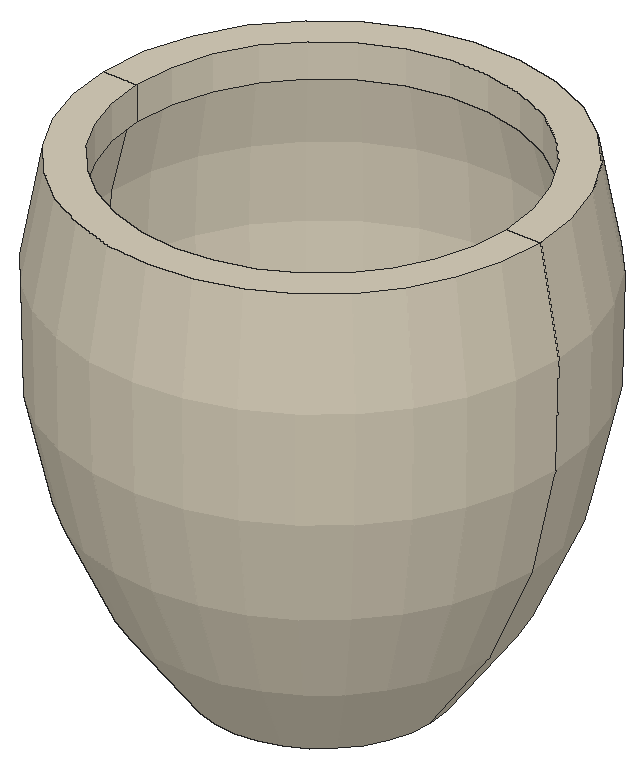
Revit family "Specialty_Equipment-Fiberstone_Planter-Planters_Unlimited-Aurelius-Round", category Specialty Equipment, Revit 2023
Family settings
  Round Connector Dimension = Use Diameter
  Part Type = Normal
  OmniClass Number = 23.40.05.21.17
  OmniClass Title = Planters
  Work Plane-Based = No
  Enable Cutting in Views = No
  Always vertical = Yes
  Cut with Voids When Loaded = No
  Maintain Annotation Orientation = No
  Shared = No
  Room Calculation Point = No
Parameters (values of type "26"Dia x 28"H")
  URL = "https://www.plantersunlimited.com"
  Type Comments = "Round Planter"  # constant formula
  Model = "Aurelius Round Planter"  # constant formula
  Manufacturer = "Planters Unlimited"  # constant formula
  Description = "Aurelius Round Planters"  # constant formula
  Default Elevation = 0.0"
  CD_Specification = "https://www.plantersunlimited.com/content/Planters/P78-R-FS.pdf"
  CD_Diameter Lip = CD_Diameter - 4.0"  # 22.0"
  CD_Diameter Baseplate = (CD_Diameter / 2)  # 13.0"
  CD_Product Page URL = "https://www.plantersunlimited.com/horus-caststone-planters/"
  CD_Product Name [instance] = "Aurelius Round Planter"  # constant formula
  CD_Pad Size = 3.0"  # constant formula
  CD_Microsite = "https://www.caddetails.com/3404"
  CD_Height = 28.0"
  CD_Finish = Plastic-Fiberstone-Carlsbad-Chenza
  CD_Diameter = 26.0"
  CD_Created By = "CADdetails LTD. 2025"  # constant formula
  Assembly Code = "G2050600"
Reference planes (in)
  plane 1 "Center (Front/Back)": y = 0
  plane 2 "Bottom": z = 0
  plane 3 "Center (Left/Right)": x = 0
  plane 4 "Back": y = 13
  plane 5 "Front": y = -13
  plane 6 "Top": z = 28
  plane 7 "Left": x = -13
  plane 8 "Right": x = 13
  plane 9 "Lip Depth": z = 26
  plane 10 "Base Plate": z = 1.5
  plane 11 "Left Base Plate": x = -6.5
  plane 12 "Right Base Plate": x = 6.5
  plane 13 "Left Lip Width": x = -11
  plane 14 "Right Lip Width": x = 11
  plane 15: z = 0.125
  plane 16 "Pad": z = 0.125
  plane 17 "Base Plate Front": y = -6.5
  plane 18 "Base Plate Back": y = 6.5
  plane 19 "Pad 2": x = -4
  plane 20 "Pad 3": x = 4
  plane 21 "Pad 1": y = 4
  plane 22 "Pad 4": y = -4
Forms (in)
  Revolve 1, solid, material "Plastic-Fiberstone-Carlsbad-Chenza" <- "CD_Finish"
    sketch origin (6.16429, 0, 0) x (1, 0, 0) y (0, 0, 1)
      loop
        line (4.83571, 28) -> (4.83571, 26) -> (5.33571, 26)
        arc (5.33571, 26) -> (6.19253, 13.06493) -> (0.33571, 1.5) r 24.52556
        line (0.33571, 1.5) -> (-6.16429, 1.5) -> (-6.16429, 0.125) -> (0.33571, 0.125)
        arc (0.33571, 0.125) -> (7.23942, 13.21051) -> (6.83571, 28) r 29.17211
        line (6.83571, 28) -> (4.83571, 28)
      axis (-6.16429, 28) -> (-6.16429, 0.125)
    angle from 0 to 360
  Extrusion 2, solid, material "Plastic-Fiberstone-Carlsbad-Chenza" <- "CD_Finish", detail levels fine
    sketch origin (0, 0, 0.125) x (-1, 0, 0) y (0, -1, 0)
      loop
        line (1.5, -5.5) -> (1.5, -2.5) -> (-1.5, -2.5) -> (-1.5, -5.5) -> (1.5, -5.5)
    from -0.125 to 0
  Extrusion 3, solid, material "Plastic-Fiberstone-Carlsbad-Chenza" <- "CD_Finish", detail levels fine
    sketch origin (0, 0, 0.125) x (-1, 0, 0) y (0, -1, 0)
      loop
        line (2.51761, -1.5) -> (5.48239, -1.5) -> (5.48239, 1.5) -> (2.51761, 1.5) -> (2.51761, -1.5)
    from -0.125 to 0
  Extrusion 4, solid, material "Plastic-Fiberstone-Carlsbad-Chenza" <- "CD_Finish", detail levels fine
    sketch origin (0, 0, 0.125) x (-1, 0, 0) y (0, -1, 0)
      loop
        line (-2.51761, -1.5) -> (-2.51761, 1.5) -> (-5.48239, 1.5) -> (-5.48239, -1.5) -> (-2.51761, -1.5)
    from -0.125 to 0
  Extrusion 5, solid, material "Plastic-Fiberstone-Carlsbad-Chenza" <- "CD_Finish", detail levels fine
    sketch origin (-9.5, -9.5, 0.125) x (-1, 0, 0) y (0, -1, 0)
      loop
        line (-8.01761, -7) -> (-8.01761, -4) -> (-10.98239, -4) -> (-10.98239, -7) -> (-8.01761, -7)
    from -0.125 to 0
Dimensions and locks (in)
  "CD_Height": plane 6 "Top" to level
  equal spacing: plane 5 "Front", plane 1 "Center (Front/Back)", plane 4 "Back"
  equal spacing: plane 7 "Left", plane 3 "Center (Left/Right)", plane 8 "Right"
  locked: plane 6 "Top" to plane 9 "Lip Depth" at 2
  locked: plane 10 "Base Plate" to plane 2 "Bottom" at 1.5
  "CD_Diameter": plane 8 "Right" to plane 7 "Left"
  plane 7 "Left" to plane 8 "Right" = 26.0"
  "CD_Diameter": plane 5 "Front" to plane 4 "Back"
  "CD_Diameter Baseplate": plane 11 "Left Base Plate" to plane 12 "Right Base Plate"
  equal spacing: plane 11 "Left Base Plate", plane 3 "Center (Left/Right)", plane 12 "Right Base Plate"
  "CD_Diameter Lip": plane 14 "Right Lip Width" to plane 13 "Left Lip Width"
  equal spacing: plane 14 "Right Lip Width", plane 3 "Center (Left/Right)", plane 13 "Left Lip Width"
  equal spacing: plane 8 "Right", plane 3 "Center (Left/Right)", plane 7 "Left"
  locked: plane 16 "Pad" to plane 2 "Bottom" at 0.125
  locked: plane 15 to plane 2 "Bottom" at 0.125
  "CD_Diameter Baseplate": plane 17 "Base Plate Front" to plane 18 "Base Plate Back"
  equal spacing: plane 17 "Base Plate Front", plane 1 "Center (Front/Back)", plane 18 "Base Plate Back"
  locked: Extrusion 2 sketch curve to Extrusion 2 sketch curve at 3  (x2)
  equal spacing: Extrusion 2 sketch curve, plane 3 "Center (Left/Right)", Extrusion 2 sketch curve, locked at 1.5 each
  equal spacing: Extrusion 2 sketch curve, plane 21 "Pad 1", Extrusion 2 sketch curve
  locked: plane 21 "Pad 1" to plane 18 "Base Plate Back" at 2.5
  equal spacing: Extrusion 3 sketch curve, plane 1 "Center (Front/Back)", Extrusion 3 sketch curve, locked at 1.5 each
  equal spacing: Extrusion 3 sketch curve, plane 19 "Pad 2", Extrusion 3 sketch curve, locked at 1.48239 each
  locked: Extrusion 3 sketch curve to Extrusion 3 sketch curve at 2.96479
  locked: Extrusion 3 sketch curve to Extrusion 3 sketch curve at 3
  locked: Extrusion 4 sketch curve to Extrusion 4 sketch curve at 2.96479
  locked: Extrusion 4 sketch curve to Extrusion 4 sketch curve at 3
  locked: Extrusion 5 sketch curve to Extrusion 5 sketch curve at 2.96479
  locked: Extrusion 5 sketch curve to Extrusion 5 sketch curve at 3
  equal spacing: Extrusion 4 sketch curve, plane 20 "Pad 3", Extrusion 4 sketch curve, locked at 1.48239 each
  equal spacing: Extrusion 4 sketch curve, plane 1 "Center (Front/Back)", Extrusion 4 sketch curve, locked at 1.5 each
  equal spacing: Extrusion 5 sketch curve, plane 3 "Center (Left/Right)", Extrusion 5 sketch curve, locked at 1.48239 each
  equal spacing: Extrusion 5 sketch curve, plane 22 "Pad 4", Extrusion 5 sketch curve, locked at 1.5 each
  locked: plane 17 "Base Plate Front" to plane 22 "Pad 4" at 2.5
  locked: plane 11 "Left Base Plate" to plane 19 "Pad 2" at 2.5
  locked: plane 20 "Pad 3" to plane 12 "Right Base Plate" at 2.5
  aligned and locked: plane 2 "Bottom" to level
  aligned and locked: plane 13 "Left Lip Width" to Revolve 1
  aligned and locked: plane 14 "Right Lip Width" to Revolve 1  (x2)
  aligned and locked: plane 8 "Right" to Revolve 1 sketch curve
  aligned and locked: Revolve 1 sketch curve to Revolve 1 sketch curve
  aligned and locked: plane 14 "Right Lip Width" to Revolve 1 sketch curve
  aligned and locked: plane 3 "Center (Left/Right)" to Revolve 1 sketch curve
  aligned and locked: plane 6 "Top" to Revolve 1  (x2)
  aligned and locked: Revolve 1 to plane 16 "Pad"  (x3)
  aligned and locked: Extrusion 3 to plane 16 "Pad"
  aligned and locked: Extrusion 5 to plane 16 "Pad"
  aligned and locked: Extrusion 2 to plane 16 "Pad"
  aligned and locked: Extrusion 4 to plane 16 "Pad"
  aligned and locked: Extrusion 3 to plane 2 "Bottom"
  aligned and locked: Extrusion 2 to plane 2 "Bottom"
  aligned and locked: Extrusion 5 to plane 2 "Bottom"
  aligned and locked: Extrusion 4 to plane 2 "Bottom"
  aligned and locked: plane 12 "Right Base Plate" to Revolve 1 sketch curve  (x2)
  aligned and locked: plane 15 to Revolve 1 sketch curve  (x2)
  aligned and locked: plane 10 "Base Plate" to Revolve 1 sketch curve  (x2)
  aligned and locked: plane 6 "Top" to Revolve 1 sketch curve
Automatic sketch dimensions
  Revolve 1 sketch curve to plane 3 "Center (Left/Right)" = 0.0"
  Revolve 1 sketch curve to plane 9 "Lip Depth" = 0.0"
  Revolve 1 sketch curve to plane 13 "Left Lip Width" = 0.67341"
  Revolve 1 sketch curve to plane 7 "Left" = 2.00623"
  Revolve 1 sketch curve to Revolve 1 sketch curve = 0.5"
  plane 9 "Lip Depth" to Revolve 1 sketch curve = 10.12607"
  plane 6 "Top" to Revolve 1 sketch curve = 18.87393"
Types in the file's own list only (2): name | CD_Diameter Lip | CD_Diameter Baseplate | CD_Height | CD_Diameter
  36"Dia x 38"H | 32.0" | 18.0" | 38.0" | 36.0"
  48"Dia x 52"H | 44.0" | 24.0" | 52.0" | 48.0"
